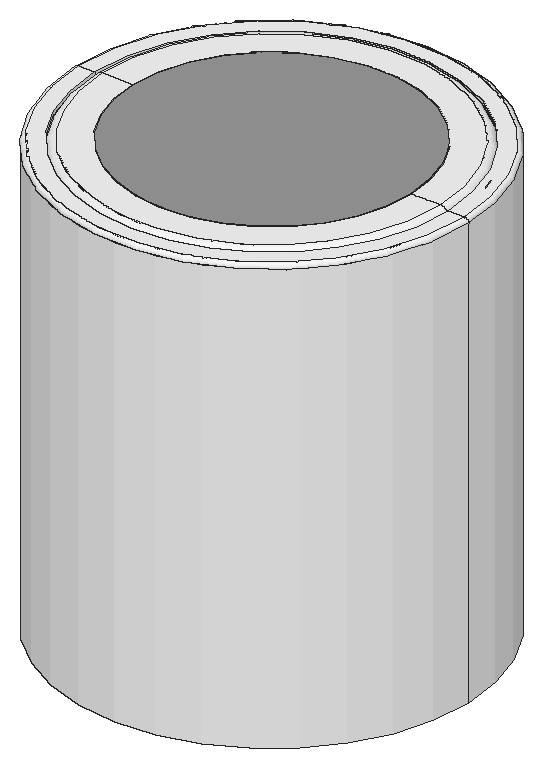
Revit family "3098175 Lighting Fixture_Sylvania_Insaver LED II 150 LO_Surface Mounted", category Lighting Fixtures, host Face, Revit 2017
Family settings
  Host = Face
  Round Connector Dimension = Use Diameter
  Part Type = Normal
  OmniClass Number = 23.80.70.11.17
  OmniClass Title = Specialized Lighting by Location or Use
  Cut with Voids When Loaded = No
  Light Source = Yes
  Shared = No
  Room Calculation Point = No
Parameters (values of type "Insaver LED II 150 High Output NW EB Surface Mounted")
  Ta Rating = "0°C to 55°C"  # constant formula
  Reflector Material = Metal_Sylvania_Insaver LED II_Polished
  LOR = "100%"  # constant formula
  IP Rating = "IP23 (44 with accessory)"  # constant formula
  Height = 208.0 mm
  Glare Control = "UGR <19 (using accessory)"  # constant formula
  Energy Class = "A++,A+,A"  # constant formula
  Weight = 0 kg
  Wattage = 24.7423 W
  built-in parameter 1150110 = 1 (stored number, unit not read)
  Voltage Comments = "UNV (Universal Voltage; 220-240 Volt)"  # constant formula
  Voltage = 230 V  # constant formula
  URL = "http://www.sylvania-lighting.com"
  built-in parameter 1114217 = 1 (stored number, unit not read)
  Tilt Angle = -90°
  built-in parameter 1150109 = 1 (stored number, unit not read)
  built-in parameter 1150134 = 12
  built-in parameter 1150113 = 1 (stored number, unit not read)
  Product Page URL = "http://www.sylvania-lighting.com/product/en-int/products/3098175"
  Product Family = "INSAVER LED II 150 Surface Mounted"  # constant formula
  Photometry Comments = ""
  Photometric Web File = "3098175_InsaverLEDII150HighOutputNWEBSurfaceMounted-202187.ies"
  Life = "50 000 h"  # constant formula
  Emit from Circle Diameter = Diffuser Diameter  # 133.0 mm
  Emit Shape Visible in Rendering = no
  Drive Current = "900mA"  # constant formula
  Distribution type = "Direct - symmetrical"  # constant formula
  Diffuser Material = Glass_Sylvania_Insaver LED II_4000K
  Diffuser Diameter = Accessory Diameter - 36.0 mm  # 133.0 mm
  Colour consistency (SDCM) = "3 step"  # constant formula
  built-in parameter 1114216 [instance] = 1 (stored number, unit not read)
  Model = "Insaver LED II 150 High Output NW EB Surface Mounted"
  Manufacturer = "Feilo Sylvania"
  built-in parameter 1150105 = 1799 (stored number, unit not read)
  Lumens = 2400 lm
  built-in parameter 1150115 = 1 (stored number, unit not read)
  built-in parameter 1150137 = (empty or 0)
  built-in parameter 1150139 = (empty or 0)
  built-in parameter 1150112 = 1 (stored number, unit not read)
  built-in parameter 1150114 = 1 (stored number, unit not read)
  Lamp Comments = "Integrated LED"  # constant formula
  Lamp = ""
  built-in parameter 1150132 = 2
  built-in parameter 1150102 = (empty or 0)
  built-in parameter 1150107 = 4000 (stored number, unit not read)
  built-in parameter 1150138 = (empty or 0)
  built-in parameter 1150106 = 17.99 (stored number, unit not read)
  CRI ( Ra ) = 80  # constant formula
  Body Material = Plastic_Sylvania_Insaver LED II_White
  built-in parameter 1150104 = 9.0116 (stored number, unit not read)
  Dimming Lamp Color Temperature Shift = <None>
  Description = "Circular LED downlight with up to 114lm/W efficacy and 2,400 luminaire lumen output. Innovative easy installation system allows for a rapid, single point installation. For 150mm cut outs. IP44 or UGR<19 compliant with additional accessories. 3 hour emergency and surface mounted versions available. Plus3 version includes Wieland GST connector."  # constant formula
  Default Elevation = 0.0 mm
  Color Filter = 16777215
  Catalog Number = "3098175 Insaver LED II 150 High Output NW EB Surface Mounted"
  built-in parameter 1140040 [instance] = 1
  Radius = Diameter / 2  # 94.0 mm
  Diameter = 188.0 mm
  Beam Angle = 76°  # constant formula
  built-in parameter 1114218 = 1 (stored number, unit not read)
  built-in parameter 1150133 = 10 (stored number, unit not read)
  Assembly Code = "D5020200"
  Apparent Load Comments = ""
  Apparent Load = 22 VA
  Accessory Radius = Accessory Diameter / 2  # 84.5 mm
  Accessory Material = Plastic_Sylvania_Insaver LED II_White
  Accessory Diameter = Diameter - 19.0 mm  # 169.0 mm
Reference planes
  plane 1 "Center (Front/Back)": y = 0
  plane 2: z = 0
  plane 3 "Center (Left/Right)": x = 0
  plane 4: z = 202
  plane 5 "Fixture Bottom": z = 208
  plane 6: z = 205
  plane 7: z = 9.5
  plane 8: z = 148
Forms (mm)
  Revolve 1, solid, material "Plastic_Sylvania_Insaver LED II_White" <- "Accessory Material", detail levels fine
    sketch origin (0, 0, 206.916) x (1, 0, 0) y (0, 0, 1)
      loop
        line (-84.5, -4.916) -> (-66.5, -4.916) -> (-66.5, 1.084) -> (-80.5, 1.084)
        arc (-80.5, 1.084) -> (-83.328, -0.088) -> (-84.5, -2.916) r 4
        line (-84.5, -2.916) -> (-84.5, -4.916)
      axis (0, 1.084) -> (0, -4.916)
    angle from 0 to 360
  Extrusion 2, solid, material "Glass_Sylvania_Insaver LED II_4000K" <- "Diffuser Material", detail levels fine
    sketch origin (0, 0, 206.916) x (1, 0, 0) y (0, 1, 0)
      loop
        circle (0, 0) r 66.5
    from -4.916 to 1.084
  Extrusion 3, solid, material "Plastic_Sylvania_Insaver LED II_White" <- "Body Material", detail levels fine
    sketch origin (0, 0, 0) x (1, 0, 0) y (0, 1, 0)
      loop
        circle (0, 0) r 94
      loop
        circle (0, 0) r 84.5
    from 0 to 205
  Revolve 4, solid, material "Plastic_Sylvania_Insaver LED II_White" <- "Body Material", detail levels fine
    sketch origin (0, 0, 0) x (1, 0, 0) y (0, 0, 1)
      loop
        line (-94, 205) -> (-84.5, 205) -> (-84.5, 207) -> (-92, 207)
        arc (-92, 207) -> (-93.414, 206.414) -> (-94, 205) r 2
      axis (0, 207) -> (0, 205)
    angle from 0 to 360
  Extrusion 5, solid, material "Plastic_Sylvania_Insaver LED II_White" <- "Body Material", detail levels fine
    sketch origin (0, 0, 0) x (1, 0, 0) y (0, 1, 0)
      loop
        circle (0, 0) r 84.5
    from 0 to 9.5
  Revolve 6, solid, detail levels fine
    sketch origin (0, 0, 0) x (1, 0, 0) y (0, 0, 1)
      loop
        line (0, 148) -> (0, 150)
        arc (0, 150) -> (-48.672, 164.089) -> (-82.291, 202) r 91.113
        line (-82.291, 202) -> (-84.5, 202)
        arc (-84.5, 202) -> (-50.14, 162.653) -> (0, 148) r 93.113
      axis (0, 202) -> (0, 148)
    angle from 0 to 360
  Extrusion 7, solid, material "Plastic_Sylvania_Insaver LED II_White" <- "Body Material", detail levels coarse+medium
    sketch origin (0, 0, 0) x (1, 0, 0) y (0, 1, 0)
      loop
        circle (0, 0) r 94
    from 0 to 208
Cuts and joins
  joined: Extrusion 3, Revolve 4, Extrusion 5
Lines and regions (mm)
  Masking region 1
    outline origin (0, 0, 0) x (1, 0, 0) y (0, 1, 0)
      loop
        circle (0, 0) r 94
  symbolic lines, detail levels fine
    curve 1: arc (66.5, 0, 0) -> (0, 66.5, 0) -> (-66.5, 0, 0) r 66.5
    curve 2: arc (-66.5, 0, 0) -> (0, -66.5, 0) -> (66.5, 0, 0) r 66.5
Dimensions and locks
  locked: Revolve 1 sketch curve to Revolve 1 sketch curve at 18
  "Accessory Radius": plane 3 "Center (Left/Right)" to Revolve 1 sketch curve
  locked: Revolve 1 sketch curve to plane 4 at 2
  plane 5 "Fixture Bottom" to plane 6 to plane 4 to plane 8 = 3.0 mm locked, 3.0 mm locked, 54.0 mm locked
  "Height": plane 5 "Fixture Bottom" to plane 2
  locked: Revolve 4 sketch curve to plane 6 at 2
  locked: plane 7 to plane 2 at 9.5
  "Radius": plane 3 "Center (Left/Right)" to Revolve 4 sketch curve
  locked: Revolve 4 sketch curve to Revolve 4 sketch curve at 9.5
  "Accessory Radius": plane 3 "Center (Left/Right)" to Revolve 6 sketch curve
  locked: Revolve 6 sketch curve to Revolve 6 sketch curve at 2.209
  locked: Revolve 6 sketch curve to plane 8 at 2
  "Diffuser Diameter": diameter of Extrusion 2 sketch curve
  "Diameter": diameter of Extrusion 3 sketch curve
  "Accessory Diameter": diameter of Extrusion 3 sketch curve
  "Accessory Diameter": diameter of Extrusion 5 sketch curve
  "Diameter": diameter of Extrusion 7 sketch curve
  aligned and locked: plane 2 to host face
  aligned and locked: level to host face
  aligned and locked: imposter light to plane 1 "Center (Front/Back)"
  aligned and locked: plane 4 to Revolve 1 sketch curve
  aligned and locked: Revolve 1 sketch curve to plane 3 "Center (Left/Right)"
  aligned and locked: plane 4 to Extrusion 2
  aligned and locked: Extrusion 2 to plane 5 "Fixture Bottom"
  aligned and locked: Extrusion 3 to plane 6
  aligned and locked: Extrusion 3 to plane 2
  aligned and locked: Revolve 4 sketch curve to plane 3 "Center (Left/Right)"
  aligned and locked: plane 5 "Fixture Bottom" to Revolve 1 sketch curve
  aligned and locked: plane 6 to Revolve 4 sketch curve
  aligned and locked: Extrusion 5 to plane 2
  aligned and locked: Extrusion 5 to plane 7
  aligned and locked: imposter light to plane 3 "Center (Left/Right)"
  aligned and locked: imposter light to plane 5 "Fixture Bottom"
  aligned and locked: Revolve 6 sketch curve to imposter light
  aligned and locked: Revolve 6 sketch curve to plane 4
  aligned and locked: imposter light to Revolve 6 sketch curve
  aligned and locked: Extrusion 7 to plane 5 "Fixture Bottom"
  aligned and locked: Extrusion 7 to plane 2
  aligned and locked: Masking region 1 sketch curve to Extrusion 7  (x2)
  aligned and locked: curve 1 to Extrusion 2
  aligned and locked: curve 2 to Extrusion 2
Automatic sketch dimensions
  host sketch curve to host sketch curve = 1040.406 mm
  host sketch curve to host sketch curve = 988.385 mm
  plane 4 to Revolve 1 sketch curve = 23.903 mm
  Revolve 1 sketch curve to plane 5 "Fixture Bottom" = 38.423 mm
  plane 1 "Center (Front/Back)" to Extrusion 2 sketch curve = 0.0 mm
  Extrusion 2 sketch curve to plane 3 "Center (Left/Right)" = 0.0 mm
  Extrusion 3 sketch curve to Extrusion 3 sketch curve = 0.0 mm  (x2)
  plane 1 "Center (Front/Back)" to Extrusion 3 sketch curve = 0.0 mm
  Extrusion 3 sketch curve to plane 3 "Center (Left/Right)" = 0.0 mm
  Revolve 4 sketch curve to plane 5 "Fixture Bottom" = 23.931 mm
  Revolve 4 sketch curve to Revolve 4 sketch curve = 16.615 mm
  plane 1 "Center (Front/Back)" to Extrusion 5 sketch curve = 0.0 mm
  Extrusion 5 sketch curve to plane 3 "Center (Left/Right)" = 0.0 mm
  Revolve 6 sketch curve to Revolve 6 sketch curve = 0.0 mm
  plane 4 to Revolve 6 sketch curve = 22.636 mm
  Revolve 6 sketch curve to Revolve 6 sketch curve = 1.749 mm
  plane 1 "Center (Front/Back)" to Extrusion 7 sketch curve = 0.0 mm
  Extrusion 7 sketch curve to plane 3 "Center (Left/Right)" = 0.0 mm
Connectors
  electrical at (0, 0, 0), driven by "Voltage", driven by "Apparent Load"
    settings: on cut or joined group of Extrusion 3, Revolve 4, Extrusion 5, index 1, voltage 230 V, apparent load 0 VA, apparent load phase1 22 VA, apparent load phase2 0 VA, apparent load phase3 0 VA, power factor 1, load classification "Lighting", number of poles 1, system type 31, power factor state 1, is connector primary yes, connector utility no, sub classification motor no, connector description ""
